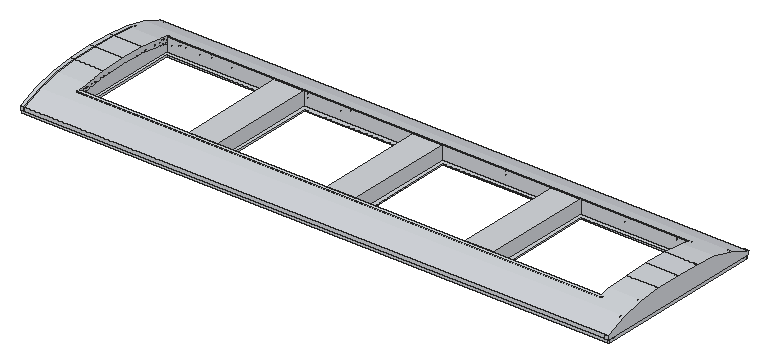
Revit family "Gira_021406", category Electrical Fixtures, host Face, Revit 2017
Family settings
  Host = Face
  Maintain Annotation Orientation = No
  Round Connector Dimension = Use Diameter
  Part Type = Normal
  Cut with Voids When Loaded = No
  Shared = No
  Room Calculation Point = No
Parameters (values of type "Abdeckrahmen 4f Zwischenr. AN Gira Event F Alu")
  Werkstoffgüte = "Thermoplast"
  Werkstoff = "Kunststoff"
  URL = "http://katalog.gira.de/de_DE/datenblatt.html?artikelnr=021406"
  Transparent = "No"
  Textfeld/Beschriftungsfläche = "No"
  Schutzart (IP) = "IP20"
  Region = "DE"
  Oberfläche = "sonstige"
  Name = "Abdeckrahmen 4f Zwischenr. AN Gira Event F Alu"
  Montagerichtung = "horizontal und vertikal"
  Mit Montagerahmen = "No"
  Mit Klappdeckel = "No"
  Manufacturer URL = "https://www.gira.de/"
  Keynote = "Event_Rahmen_4fach"
  HeinzeBIM = "https://bimportal.heinze.de/bim/abdeckrahmen-4f-zwischenr-an-gira-event-f-alu/45fdf298d8409a4a245acd259fc9618c84d7e026"
  Halogenfrei = "Yes"
  HAN = "021406"
  Geeignet für Unterputz-Installation = "Yes"
  Geeignet für Unterflurkanaldose = "No"
  Geeignet für Geräteeinbaukanal = "No"
  Geeignet für Einbauinstallation = "No"
  GTIN = "4010337214069"
  Farbe = "aluminium"
  Default Elevation = 1219.2 mm
  Data sheet (1) = "https://katalog.gira.de/de_DE/download.html?artikelnr=021406"
  Category = "Abdeckrahmen"
  Befestigungsart = "Klemmbefestigung"
  Available = "Yes"
  Anzahl der Einheiten vertikal = "4 "
  Anzahl der Einheiten horizontal = "4 "
  Anzahl der Einheiten = "4 "
Reference planes
  plane 1 "Center (Front/Back)": y = 0
  plane 2: z = 0
  plane 3 "Center (Left/Right)": x = 0
Forms (mm)
  Extrusion 1, solid, detail levels fine
    sketch origin (0, 0, 0.05) x (0, 1, 0) y (0, 0, 1)
      loop
        arc (12.445, 9.683) -> (6.223, 9.833) -> (0, 9.85) r 291.636
        arc (0, 9.85) -> (-6.223, 9.833) -> (-12.445, 9.683) r 291.636
        arc (-12.445, 9.683) -> (-29.14, 7.482) -> (-45, 1.823) r 79.728
        line (-45, 1.823) -> (-45, -0.05) -> (-42.086, -0.05)
        arc (-42.086, -0.05) -> (-21.385, 5.559) -> (0, 7.206) r 114.424
        arc (0, 7.206) -> (21.385, 5.559) -> (42.086, -0.05) r 114.424
        line (42.086, -0.05) -> (45, -0.05) -> (45, 1.823)
        arc (45, 1.823) -> (29.14, 7.482) -> (12.445, 9.683) r 79.728
    from -151.95 to 151.935
  Extrusion 2, void, detail levels fine
    sketch origin (0, 0, 0) x (1, 0, 0) y (0, 1, 0)
      loop
        line (134.95, 28.035) -> (-134.95, 28.035) -> (-134.95, -28.035) -> (134.95, -28.035) -> (134.95, 28.035)
    from 0.724 to 11
  Extrusion 3, solid, detail levels coarse
    sketch origin (0, 0, 0) x (1, 0, 0) y (0, 1, 0)
      loop
        line (-151.95, 45) -> (-151.95, -45) -> (151.935, -45) -> (151.935, 45) -> (-151.95, 45)
    from -1.5 to 9.9
  Extrusion 4, solid, detail levels medium
    sketch origin (0, 0, 0.05) x (0, 1, 0) y (0, 0, 1)
      loop
        arc (12.445, 9.683) -> (6.223, 9.833) -> (0, 9.85) r 291.636
        arc (0, 9.85) -> (-6.223, 9.833) -> (-12.445, 9.683) r 291.636
        arc (-12.445, 9.683) -> (-29.14, 7.482) -> (-45, 1.823) r 79.728
        line (-45, 1.823) -> (-45, -0.05) -> (45, -0.05) -> (45, 1.823)
        arc (45, 1.823) -> (29.14, 7.482) -> (12.445, 9.683) r 79.728
    from -151.95 to 151.935
  Extrusion 5, solid, detail levels fine
    sketch origin (-106.95, 0, -1.5) x (0, 1, 0) y (0, 0, -1)
      loop
        line (45, -3.373) -> (45, -1.5) -> (-45, -1.5) -> (-45, -3.373)
        arc (-45, -3.373) -> (-29.14, -9.032) -> (-12.445, -11.233) r 79.728
        arc (-12.445, -11.233) -> (-6.223, -11.383) -> (0, -11.4) r 291.636
        arc (0, -11.4) -> (6.223, -11.383) -> (12.445, -11.233) r 291.636
        arc (12.445, -11.233) -> (29.14, -9.032) -> (45, -3.373) r 79.728
    from 43 to 45
  Extrusion 6, solid, detail levels fine
    sketch origin (0, 0, 0) x (1, 0, 0) y (0, 1, 0)
      loop
        line (-132.85, 25.7) -> (-132.85, -25.7) -> (-81.05, -25.7) -> (-81.05, 25.7) -> (-132.85, 25.7)
      loop
        line (-9.755, -25.7) -> (-9.755, 25.7) -> (-61.555, 25.7) -> (-61.555, -25.7) -> (-9.755, -25.7)
      loop
        line (-135.845, 28.49) -> (-135.845, -28.495)
        spline (-135.845, -28.495) -> (-135.836, -28.625) -> (-135.811, -28.754) -> (-135.769, -28.878) -> (-135.711, -28.995) -> (-135.638, -29.104) -> (-135.552, -29.202) -> (-135.454, -29.288) -> (-135.345, -29.361) -> (-135.228, -29.419) -> (-135.104, -29.461) -> (-134.975, -29.486) -> (-134.845, -29.495)
        line (-134.845, -29.495) -> (134.845, -29.495)
        spline (134.845, -29.495) -> (134.975, -29.486) -> (135.104, -29.461) -> (135.228, -29.419) -> (135.345, -29.361) -> (135.454, -29.288) -> (135.552, -29.202) -> (135.638, -29.104) -> (135.711, -28.995) -> (135.769, -28.878) -> (135.811, -28.754) -> (135.836, -28.625) -> (135.845, -28.495)
        line (135.845, -28.495) -> (135.845, 28.49)
        spline (135.845, 28.49) -> (135.836, 28.62) -> (135.811, 28.748) -> (135.769, 28.872) -> (135.711, 28.99) -> (135.638, 29.098) -> (135.552, 29.197) -> (135.454, 29.283) -> (135.345, 29.356) -> (135.228, 29.413) -> (135.104, 29.456) -> (134.975, 29.481) -> (134.845, 29.49)
        line (134.845, 29.49) -> (-134.845, 29.49)
        spline (-134.845, 29.49) -> (-134.975, 29.481) -> (-135.104, 29.456) -> (-135.228, 29.413) -> (-135.345, 29.356) -> (-135.454, 29.283) -> (-135.552, 29.197) -> (-135.638, 29.098) -> (-135.711, 28.99) -> (-135.769, 28.872) -> (-135.811, 28.748) -> (-135.836, 28.62) -> (-135.845, 28.49)
      loop
        line (61.545, -25.7) -> (61.545, 25.7) -> (9.745, 25.7) -> (9.745, -25.7) -> (61.545, -25.7)
      loop
        line (132.85, -25.7) -> (132.85, 25.7) -> (81.05, 25.7) -> (81.05, -25.7) -> (132.85, -25.7)
    from 0.1 to 7.3
  Extrusion 7, solid
    sketch origin (0, 0, 0) x (1, 0, 0) y (0, 1, 0)
      loop
        arc (-151.65, -44.218) -> (-151.504, -44.572) -> (-151.15, -44.718) r 0.5
        line (-151.15, -44.718) -> (151.15, -44.718)
        arc (151.15, -44.718) -> (151.504, -44.572) -> (151.65, -44.218) r 0.5
        line (151.65, -44.218) -> (151.65, 44.182)
        arc (151.65, 44.182) -> (151.504, 44.535) -> (151.15, 44.682) r 0.5
        line (151.15, 44.682) -> (-151.15, 44.682)
        arc (-151.15, 44.682) -> (-151.504, 44.535) -> (-151.65, 44.182) r 0.5
        line (-151.65, 44.182) -> (-151.65, -44.218)
      loop
        line (-149.95, 42.982) -> (-149.95, -43.018) -> (149.95, -43.018) -> (149.95, 42.982) -> (-149.95, 42.982)
    from -1.5 to 0.5
  Extrusion 8, solid, detail levels fine
    sketch origin (106.935, 0, -1.5) x (0, 1, 0) y (0, 0, 1)
      loop
        arc (45, 3.373) -> (29.14, 9.032) -> (12.445, 11.233) r 79.728
        arc (12.445, 11.233) -> (6.223, 11.383) -> (0, 11.4) r 291.636
        arc (0, 11.4) -> (-6.223, 11.383) -> (-12.445, 11.233) r 291.636
        arc (-12.445, 11.233) -> (-29.14, 9.032) -> (-45, 3.373) r 79.728
        line (-45, 3.373) -> (-45, 1.5) -> (45, 1.5) -> (45, 3.373)
    from 43 to 45
  Extrusion 9, solid, detail levels medium
    sketch origin (0, 0, 0) x (1, 0, 0) y (0, 1, 0)
      loop
        line (-151.65, -44.718) -> (151.65, -44.718) -> (151.65, 44.682) -> (-151.65, 44.682) -> (-151.65, -44.718)
    from -1.5 to 0.5
  Extrusion 10, solid, detail levels fine
    sketch origin (-69.857, 0, 0) x (1, 0, 0) y (0, 1, 0)
      loop
        line (-8.943, 28.063) -> (-8.943, -27.937) -> (6.057, -27.937) -> (6.057, 28.063) -> (-8.943, 28.063)
    from 0.724 to 7.566
  Extrusion 11, solid, detail levels fine
    sketch origin (-1.443, 0, 0) x (-1, 0, 0) y (0, -1, 0)
      loop
        line (-8.943, -28.063) -> (6.057, -28.063) -> (6.057, 27.937) -> (-8.943, 27.937) -> (-8.943, -28.063)
    from 0.724 to 7.566
  Extrusion 12, solid, detail levels fine
    sketch origin (69.857, 0, 0) x (-1, 0, 0) y (0, -1, 0)
      loop
        line (-8.943, -28.063) -> (6.057, -28.063) -> (6.057, 27.937) -> (-8.943, 27.937) -> (-8.943, -28.063)
    from 0.724 to 7.566
Cuts and joins
  Extrusion 2 cuts Extrusion 1
  Extrusion 2 cuts Extrusion 6
Dimensions and locks
  aligned and locked: plane 2 to host face
  aligned and locked: level to host face
